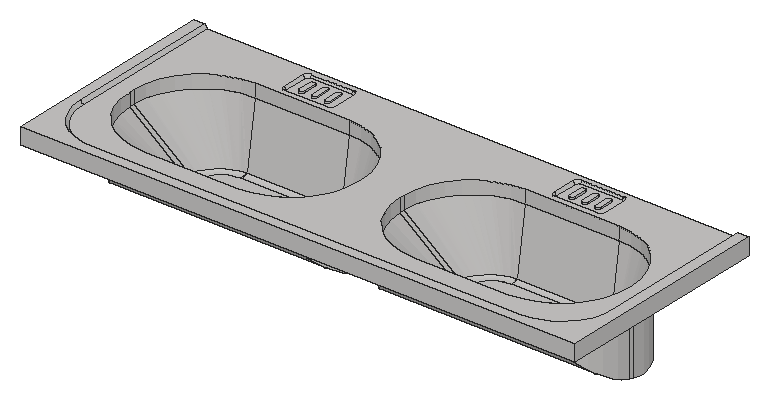
Revit family
Parameters (values of type "1070 X 420")
  Waste Connection Diameter = 40 mm
  Depth Of Bowl = 165 mm
  Width Of Bowl = 270 mm
  Length Of Bowl = 442 mm
  Height = 1050 mm
  Width = 420 mm
  Waste Connection Radius = Waste Connection Diameter / 2  # 20 mm
  Waste Connection = 1 = 1  # yes
  WFU = 0
  Vent Connection = 1 = 0  # no
  URL = "http://www.autospec.co.za/browse.php?id=1644179284"
  Product Code = "None"
  OmniClass Title = ""
  OmniClass Number = ""
  Modspec Classification = ""
  Specification = ""
  Location (revit room) = ""
  Material = Stainless Steel Grade 304
  Length = 1070 mm
  HW Connection = 1 = 0  # no
  Description = ""
  Depth = 172 mm
  Default Elevation = 0 mm
  Colour = none
  CW Connection = 1 = 0  # no
  Body Finish = none
  Model = "Wash Hand Basins SRHB - 002"
  Manufacturer = "Kwikot"  # constant formula
  Assembly Code = "D2010440"
Reference planes
  plane 1 "Back": y = 0
  plane 2 "Bottom": z = 0
  plane 3 "Center (Left/Right)": x = 0
  plane 4 "Left": x = -535
  plane 5 "Right": x = 535
  plane 6 "Front": y = -420
  plane 7 "Top": z = 1050
  plane 8: z = 1018
  plane 9 "Basin Center": x = -259.5
  plane 10: y = -355
  plane 11: y = -85
  plane 12: x = -480.5
  plane 13: x = -38.5
  plane 14: z = 878
  plane 15: z = 1043
  plane 16: x = 41.5
  plane 17: y = -210
  plane 18: x = -259.5
  plane 19: x = 262.5
  plane 20: x = -259.5
  plane 21: x = 262.5
  plane 22: x = -259.5
  plane 23: x = 262.5
  plane 24: x = 262.5
  plane 25: x = -259.5
  plane 26: x = -259.5
  plane 27: x = -309.5
  plane 28: x = 262.5
  plane 29: x = 212.5
  plane 30: x = 262.5
  plane 31: x = -259.5
  plane 32: x = 262.5
  plane 33: x = -259.5
  plane 34: x = 483.5
Forms (mm)
  Extrusion 1, solid, material "Stainless Steel Grade 304" <- "Material"
    sketch origin (-535, -491, 4000) x (0, -1, 0) y (0, 0, 1)
      loop
        line (-491, -2982) -> (-71, -2982) -> (-71, -2950) -> (-491, -2950) -> (-491, -2982)
    from 0 to -1070
  Blend 2, void
    base sketch origin (-779.234, -1524, 1050) x (0, -1, 0) y (1, 0, 0)
      loop
        line (-1524, 264.234) -> (-1224, 264.234)
        arc (-1224, 264.234) -> (-1153.289, 293.523) -> (-1124, 364.234) r 100
        line (-1124, 364.234) -> (-1124, 1194.234)
        arc (-1124, 1194.234) -> (-1153.289, 1264.944) -> (-1224, 1294.234) r 100
        line (-1224, 1294.234) -> (-1524, 1294.234) -> (-1524, 264.234)
    top sketch origin (-779.234, -1524, 1050) x (0, -1, 0) y (1, 0, 0)
      loop
        arc (-1224, 268.234) -> (-1156.118, 296.351) -> (-1128, 364.234) r 96
        line (-1128, 364.234) -> (-1128, 1194.234)
        arc (-1128, 1194.234) -> (-1156.118, 1262.116) -> (-1224, 1290.234) r 96
        line (-1224, 1290.234) -> (-1524, 1290.234) -> (-1524, 268.234) -> (-1224, 268.234)
    from 0 to -7
  Extrusion 3, void
    sketch origin (-516.734, -1524, 1050) x (0, -1, 0) y (-1, 0, 0)
      loop
        line (-1439, -166.734) -> (-1439, -348.234)
        arc (-1439, -348.234) -> (-1400.924, -440.158) -> (-1309, -478.234) r 130
        line (-1309, -478.234) -> (-1299, -478.234)
        arc (-1299, -478.234) -> (-1207.076, -440.158) -> (-1169, -348.234) r 130
        line (-1169, -348.234) -> (-1169, -166.734)
        arc (-1169, -166.734) -> (-1207.076, -74.81) -> (-1299, -36.734) r 130
        line (-1299, -36.734) -> (-1309, -36.734)
        arc (-1309, -36.734) -> (-1400.924, -74.81) -> (-1439, -166.734) r 130
    from 0 to 32
  Extrusion 4, void
    sketch origin (5.266, -1524, 1050) x (0, -1, 0) y (-1, 0, 0)
      loop
        line (-1439, -166.734) -> (-1439, -348.234)
        arc (-1439, -348.234) -> (-1400.924, -440.158) -> (-1309, -478.234) r 130
        line (-1309, -478.234) -> (-1299, -478.234)
        arc (-1299, -478.234) -> (-1207.076, -440.158) -> (-1169, -348.234) r 130
        line (-1169, -348.234) -> (-1169, -166.734)
        arc (-1169, -166.734) -> (-1207.076, -74.81) -> (-1299, -36.734) r 130
        line (-1299, -36.734) -> (-1309, -36.734)
        arc (-1309, -36.734) -> (-1400.924, -74.81) -> (-1439, -166.734) r 130
    from 0 to 32
  Blend 5, void
    base sketch origin (-179.357, -1524, 1043) x (0, -1, 0) y (1, 0, 0)
      loop
        arc (-1514, -120.143) -> (-1511.071, -127.214) -> (-1504, -130.143) r 10
        line (-1504, -130.143) -> (-1459, -130.143)
        arc (-1459, -130.143) -> (-1451.929, -127.214) -> (-1449, -120.143) r 10
        line (-1449, -120.143) -> (-1449, -40.143)
        arc (-1449, -40.143) -> (-1451.929, -33.071) -> (-1459, -30.143) r 10
        line (-1459, -30.143) -> (-1504, -30.143)
        arc (-1504, -30.143) -> (-1511.071, -33.071) -> (-1514, -40.143) r 10
        line (-1514, -40.143) -> (-1514, -120.143)
    top sketch origin (-179.357, -1524, 1043) x (0, -1, 0) y (1, 0, 0)
      loop
        arc (-1459, -127.143) -> (-1454.05, -125.092) -> (-1452, -120.143) r 7
        line (-1452, -120.143) -> (-1452, -40.143)
        arc (-1452, -40.143) -> (-1454.05, -35.193) -> (-1459, -33.143) r 7
        line (-1459, -33.143) -> (-1504, -33.143)
        arc (-1504, -33.143) -> (-1508.95, -35.193) -> (-1511, -40.143) r 7
        line (-1511, -40.143) -> (-1511, -120.143)
        arc (-1511, -120.143) -> (-1508.95, -125.092) -> (-1504, -127.143) r 7
        line (-1504, -127.143) -> (-1459, -127.143)
    from 0 to -5
  Blend 6, void
    base sketch origin (342.643, -1524, 1043) x (0, -1, 0) y (1, 0, 0)
      loop
        arc (-1514, -120.143) -> (-1511.071, -127.214) -> (-1504, -130.143) r 10
        line (-1504, -130.143) -> (-1459, -130.143)
        arc (-1459, -130.143) -> (-1451.929, -127.214) -> (-1449, -120.143) r 10
        line (-1449, -120.143) -> (-1449, -40.143)
        arc (-1449, -40.143) -> (-1451.929, -33.071) -> (-1459, -30.143) r 10
        line (-1459, -30.143) -> (-1504, -30.143)
        arc (-1504, -30.143) -> (-1511.071, -33.071) -> (-1514, -40.143) r 10
        line (-1514, -40.143) -> (-1514, -120.143)
    top sketch origin (342.643, -1524, 1043) x (0, -1, 0) y (1, 0, 0)
      loop
        arc (-1459, -127.143) -> (-1454.05, -125.092) -> (-1452, -120.143) r 7
        line (-1452, -120.143) -> (-1452, -40.143)
        arc (-1452, -40.143) -> (-1454.05, -35.193) -> (-1459, -33.143) r 7
        line (-1459, -33.143) -> (-1504, -33.143)
        arc (-1504, -33.143) -> (-1508.95, -35.193) -> (-1511, -40.143) r 7
        line (-1511, -40.143) -> (-1511, -120.143)
        arc (-1511, -120.143) -> (-1508.95, -125.092) -> (-1504, -127.143) r 7
        line (-1504, -127.143) -> (-1459, -127.143)
    from 0 to -5
  Extrusion 7, solid, material "Stainless Steel Grade 304" <- "Material"
    sketch origin (-179.357, -1524, 1043) x (-1, 0, 0) y (0, -1, 0)
      loop
        arc (85.143, -1470.346) -> (80.143, -1465.346) -> (75.143, -1470.346) r 5
        line (75.143, -1470.346) -> (75.143, -1495.346)
        arc (75.143, -1495.346) -> (80.143, -1500.346) -> (85.143, -1495.346) r 5
        line (85.143, -1495.346) -> (85.143, -1470.346)
      loop
        arc (110.143, -1470.346) -> (105.143, -1465.346) -> (100.143, -1470.346) r 5
        line (100.143, -1470.346) -> (100.143, -1495.346)
        arc (100.143, -1495.346) -> (105.143, -1500.346) -> (110.143, -1495.346) r 5
        line (110.143, -1495.346) -> (110.143, -1470.346)
      loop
        line (50.143, -1470.346) -> (50.143, -1495.346)
        arc (50.143, -1495.346) -> (55.143, -1500.346) -> (60.143, -1495.346) r 5
        line (60.143, -1495.346) -> (60.143, -1470.346)
        arc (60.143, -1470.346) -> (55.143, -1465.346) -> (50.143, -1470.346) r 5
    from -10 to -3
  Extrusion 8, solid, material "Stainless Steel Grade 304" <- "Material"
    sketch origin (342.643, -1524, 1043) x (-1, 0, 0) y (0, -1, 0)
      loop
        arc (85.143, -1470.346) -> (80.143, -1465.346) -> (75.143, -1470.346) r 5
        line (75.143, -1470.346) -> (75.143, -1495.346)
        arc (75.143, -1495.346) -> (80.143, -1500.346) -> (85.143, -1495.346) r 5
        line (85.143, -1495.346) -> (85.143, -1470.346)
      loop
        arc (110.143, -1470.346) -> (105.143, -1465.346) -> (100.143, -1470.346) r 5
        line (100.143, -1470.346) -> (100.143, -1495.346)
        arc (100.143, -1495.346) -> (105.143, -1500.346) -> (110.143, -1495.346) r 5
        line (110.143, -1495.346) -> (110.143, -1470.346)
      loop
        line (50.143, -1470.346) -> (50.143, -1495.346)
        arc (50.143, -1495.346) -> (55.143, -1500.346) -> (60.143, -1495.346) r 5
        line (60.143, -1495.346) -> (60.143, -1470.346)
        arc (60.143, -1470.346) -> (55.143, -1465.346) -> (50.143, -1470.346) r 5
    from -10 to -3
  Extrusion 9, solid, material "Stainless Steel Grade 304" <- "Material"
    sketch origin (-779.234, -1524, 1018) x (-1, 0, 0) y (0, -1, 0)
      loop
        line (-429.234, -1166) -> (-610.734, -1166)
        arc (-610.734, -1166) -> (-704.779, -1204.955) -> (-743.734, -1299) r 133
        line (-743.734, -1299) -> (-743.734, -1309)
        arc (-743.734, -1309) -> (-704.779, -1403.045) -> (-610.734, -1442) r 133
        line (-610.734, -1442) -> (-429.234, -1442)
        arc (-429.234, -1442) -> (-335.188, -1403.045) -> (-296.234, -1309) r 133
        line (-296.234, -1309) -> (-296.234, -1299)
        arc (-296.234, -1299) -> (-335.188, -1204.955) -> (-429.234, -1166) r 133
    from 0 to -140
  Extrusion 10, solid, material "Stainless Steel Grade 304" <- "Material"
    sketch origin (-257.234, -1524, 1018) x (-1, 0, 0) y (0, -1, 0)
      loop
        line (-429.234, -1166) -> (-610.734, -1166)
        arc (-610.734, -1166) -> (-704.779, -1204.955) -> (-743.734, -1299) r 133
        line (-743.734, -1299) -> (-743.734, -1309)
        arc (-743.734, -1309) -> (-704.779, -1403.045) -> (-610.734, -1442) r 133
        line (-610.734, -1442) -> (-429.234, -1442)
        arc (-429.234, -1442) -> (-335.188, -1403.045) -> (-296.234, -1309) r 133
        line (-296.234, -1309) -> (-296.234, -1299)
        arc (-296.234, -1299) -> (-335.188, -1204.955) -> (-429.234, -1166) r 133
    from 0 to -140
  Extrusion 11, solid, material "Stainless Steel Grade 304" <- "Material"
    sketch origin (-1108.106, -1524, 878) x (-1, 0, 0) y (0, -1, 0)
      loop
        circle (-848.606, -1379) r 23
      loop
        circle (-848.606, -1379) r 20
    from 0 to -20
  Extrusion 12, void
    sketch origin (-1108.106, -1524, 878) x (0, -1, 0) y (-1, 0, 0)
      loop
        circle (-1379, -848.606) r 20
    from 0 to -15
  Extrusion 13, solid, material "Stainless Steel Grade 304" <- "Material"
    sketch origin (-1108.106, -1524, 878) x (-1, 0, 0) y (0, -1, 0)
      loop
        circle (-1370.606, -1379) r 23
      loop
        circle (-1370.606, -1379) r 20
    from 0 to -20
  Extrusion 14, void
    sketch origin (-1108.106, -1524, 878) x (0, -1, 0) y (-1, 0, 0)
      loop
        circle (-1379, -1370.606) r 20
    from 0 to -15
  Extrusion 15, void
    sketch origin (-259.5, -275, 4000) x (0, 1, 0) y (0, 0, 1)
      loop
        line (-83, -2982) -> (-98, -2982) -> (-98, -3132) -> (110, -3132) -> (110, -3122)
        arc (110, -3122) -> (-9.643, -3083.904) -> (-83, -2982) r 200
      loop
        line (143, -3132) -> (203, -3132) -> (203, -3072) -> (193, -3072)
        arc (193, -3072) -> (178.355, -3107.355) -> (143, -3122) r 50
        line (143, -3122) -> (143, -3132)
    from -225 to 750
  Blend 16, void
    base sketch origin (-779.234, -1524, 1018) x (0, -1, 0) y (1, 0, 0)
      loop
        line (-1169, 429.234) -> (-1169, 610.734)
        arc (-1169, 610.734) -> (-1207.076, 702.658) -> (-1299, 740.734) r 130
        line (-1299, 740.734) -> (-1309, 740.734)
        arc (-1309, 740.734) -> (-1400.924, 702.658) -> (-1439, 610.734) r 130
        line (-1439, 610.734) -> (-1439, 429.234)
        arc (-1439, 429.234) -> (-1400.924, 337.31) -> (-1309, 299.234) r 130
        line (-1309, 299.234) -> (-1299, 299.234)
        arc (-1299, 299.234) -> (-1207.076, 337.31) -> (-1169, 429.234) r 130
    top sketch origin (-779.234, -1524, 1018) x (0, -1, 0) y (1, 0, 0)
      loop
        arc (-1419, 429.234) -> (-1403.62, 387.247) -> (-1364.759, 365.13) r 65
        arc (-1364.759, 365.13) -> (-1359.398, 364.458) -> (-1354, 364.234) r 65
        arc (-1354, 364.234) -> (-1308.038, 383.272) -> (-1289, 429.234) r 65
        line (-1289, 429.234) -> (-1289, 610.734)
        arc (-1289, 610.734) -> (-1308.038, 656.696) -> (-1354, 675.734) r 65
        arc (-1354, 675.734) -> (-1359.398, 675.509) -> (-1364.759, 674.837) r 65
        arc (-1364.759, 674.837) -> (-1403.62, 652.72) -> (-1419, 610.734) r 65
        line (-1419, 610.734) -> (-1419, 429.234)
    from 0 to -125
  Blend 17, void
    base sketch origin (-779.234, -1524, 1018) x (0, -1, 0) y (1, 0, 0)
      loop
        line (-1169, 951.234) -> (-1169, 1132.734)
        arc (-1169, 1132.734) -> (-1207.076, 1224.658) -> (-1299, 1262.734) r 130
        line (-1299, 1262.734) -> (-1309, 1262.734)
        arc (-1309, 1262.734) -> (-1400.924, 1224.658) -> (-1439, 1132.734) r 130
        line (-1439, 1132.734) -> (-1439, 951.234)
        arc (-1439, 951.234) -> (-1400.924, 859.31) -> (-1309, 821.234) r 130
        line (-1309, 821.234) -> (-1299, 821.234)
        arc (-1299, 821.234) -> (-1207.076, 859.31) -> (-1169, 951.234) r 130
    top sketch origin (-779.234, -1524, 1018) x (0, -1, 0) y (1, 0, 0)
      loop
        arc (-1419, 951.234) -> (-1403.62, 909.247) -> (-1364.759, 887.13) r 65
        arc (-1364.759, 887.13) -> (-1359.698, 886.484) -> (-1354.603, 886.236) r 65
        arc (-1354.603, 886.236) -> (-1308.252, 905.059) -> (-1289, 951.234) r 65
        line (-1289, 951.234) -> (-1289, 1132.734)
        arc (-1289, 1132.734) -> (-1308.252, 1178.908) -> (-1354.603, 1197.731) r 65
        arc (-1354.603, 1197.731) -> (-1359.698, 1197.483) -> (-1364.759, 1196.837) r 65
        arc (-1364.759, 1196.837) -> (-1403.62, 1174.72) -> (-1419, 1132.734) r 65
        line (-1419, 1132.734) -> (-1419, 951.234)
    from 0 to -125
  Sweep 18, solid, material "Stainless Steel Grade 304" <- "Material"
    path origin (-1108.106, -1524, 878) x (-1, 0, 0) y (0, -1, 0)
      loop
        line (-758.106, -1289) -> (-939.606, -1289)
        arc (-939.606, -1289) -> (-985.568, -1308.038) -> (-1004.606, -1354) r 65
        arc (-1004.606, -1354) -> (-1004.381, -1359.398) -> (-1003.709, -1364.759) r 65
        arc (-1003.709, -1364.759) -> (-981.592, -1403.62) -> (-939.606, -1419) r 65
        line (-939.606, -1419) -> (-758.106, -1419)
        arc (-758.106, -1419) -> (-716.12, -1403.62) -> (-694.002, -1364.759) r 65
        arc (-694.002, -1364.759) -> (-693.33, -1359.398) -> (-693.106, -1354) r 65
        arc (-693.106, -1354) -> (-712.144, -1308.038) -> (-758.106, -1289) r 65
    profile origin (-259.25, -235, 878) x (0, 1, 0) y (0, 0, 1)
      loop
        line (0, 15) -> (12.787, 15)
        arc (12.787, 15) -> (1.024, 17.402) -> (-8.855, 24.224) r 30
        line (-8.855, 24.224) -> (0, 15)
  Sweep 19, solid, material "Stainless Steel Grade 304" <- "Material"
    path origin (-1108.106, -1524, 878) x (-1, 0, 0) y (0, -1, 0)
      loop
        line (-1280.106, -1289) -> (-1461.606, -1289)
        arc (-1461.606, -1289) -> (-1507.78, -1308.252) -> (-1526.603, -1354.603) r 65
        arc (-1526.603, -1354.603) -> (-1526.356, -1359.698) -> (-1525.709, -1364.759) r 65
        arc (-1525.709, -1364.759) -> (-1503.592, -1403.62) -> (-1461.606, -1419) r 65
        line (-1461.606, -1419) -> (-1280.106, -1419)
        arc (-1280.106, -1419) -> (-1238.12, -1403.62) -> (-1216.002, -1364.759) r 65
        arc (-1216.002, -1364.759) -> (-1215.356, -1359.698) -> (-1215.109, -1354.603) r 65
        arc (-1215.109, -1354.603) -> (-1233.931, -1308.252) -> (-1280.106, -1289) r 65
    profile origin (262.75, -235, 878) x (0, 1, 0) y (0, 0, 1)
      loop
        line (0, 15) -> (12.787, 15)
        arc (12.787, 15) -> (1.024, 17.402) -> (-8.855, 24.224) r 30
        line (-8.855, 24.224) -> (0, 15)
Cuts and joins
  Blend 2, Extrusion 3, Extrusion 4, Blend 5, Blend 6, Extrusion 15, Blend 16, Blend 17 cuts Extrusion 1
  Extrusion 15, Blend 16, Blend 17 cuts Extrusion 7
  Extrusion 12, Extrusion 15, Blend 16 cuts Extrusion 9
  Extrusion 14, Extrusion 15, Blend 17 cuts Extrusion 10
  joined: Extrusion 1, Extrusion 7, Extrusion 9, Extrusion 10, Sweep 18, Sweep 19
  Extrusion 12 cuts Extrusion 11
  Extrusion 14 cuts Extrusion 13
Lines and regions (mm)
  symbolic lines
    curve 1: line (-535, 0, 1050) -> (-535, -420, 1050)
    curve 2: line (-535, -420, 1050) -> (535, -420, 1050)
    curve 3: line (535, 0, 1050) -> (-535, 0, 1050)
    curve 4: line (535, -420, 1050) -> (535, 0, 1050)
    curve 5: line (-515, -300, 1050) -> (-515, 0, 1050)
    curve 6: line (-511, 0, 1050) -> (-511, -300, 1050)
    curve 7: arc (-415, -400, 1050) -> (-485.711, -370.711, 1050) -> (-515, -300, 1050) r 100
    curve 8: arc (-511, -300, 1050) -> (-482.882, -367.882, 1050) -> (-415, -396, 1050) r 96
    curve 9: line (-415, -396, 1050) -> (415, -396, 1050)
    curve 10: line (415, -400, 1050) -> (-415, -400, 1050)
    curve 11: arc (515, -300, 1050) -> (485.711, -370.711, 1050) -> (415, -400, 1050) r 100
    curve 12: arc (415, -396, 1050) -> (482.882, -367.882, 1050) -> (511, -300, 1050) r 96
    curve 13: line (511, -300, 1050) -> (511, 0, 1050)
    curve 14: line (515, 0, 1050) -> (515, -300, 1050)
    curve 15: arc (-239.5, -145, 1050) -> (-259.5, -165, 1050) -> (-279.5, -145, 1050) r 20
    curve 16: arc (-279.5, -145, 1050) -> (-259.5, -125, 1050) -> (-239.5, -145, 1050) r 20
    curve 17: arc (282.5, -145, 1050) -> (262.5, -165, 1050) -> (242.5, -145, 1050) r 20
    curve 18: arc (242.5, -145, 1050) -> (262.5, -125, 1050) -> (282.5, -145, 1050) r 20
    curve 19: line (-219.5, -13, 1050) -> (-299.5, -13, 1050)
    curve 20: arc (-299.5, -13, 1050) -> (-304.45, -15.05, 1050) -> (-306.5, -20, 1050) r 7
    curve 21: line (-306.5, -20, 1050) -> (-306.5, -65, 1050)
    curve 22: arc (-306.5, -65, 1050) -> (-304.45, -69.95, 1050) -> (-299.5, -72, 1050) r 7
    curve 23: line (-299.5, -72, 1050) -> (-219.5, -72, 1050)
    curve 24: arc (-219.5, -72, 1050) -> (-214.55, -69.95, 1050) -> (-212.5, -65, 1050) r 7
    curve 25: line (-212.5, -65, 1050) -> (-212.5, -20, 1050)
    curve 26: arc (-212.5, -20, 1050) -> (-214.55, -15.05, 1050) -> (-219.5, -13, 1050) r 7
    curve 27: line (-299.5, -10, 1050) -> (-219.5, -10, 1050)
    curve 28: arc (-219.5, -10, 1050) -> (-212.429, -12.929, 1050) -> (-209.5, -20, 1050) r 10
    curve 29: line (-209.5, -20, 1050) -> (-209.5, -65, 1050)
    curve 30: arc (-209.5, -65, 1050) -> (-212.429, -72.071, 1050) -> (-219.5, -75, 1050) r 10
    curve 31: line (-219.5, -75, 1050) -> (-299.5, -75, 1050)
    curve 32: arc (-299.5, -75, 1050) -> (-306.571, -72.071, 1050) -> (-309.5, -65, 1050) r 10
    curve 33: line (-309.5, -65, 1050) -> (-309.5, -20, 1050)
    curve 34: arc (-309.5, -20, 1050) -> (-306.571, -12.929, 1050) -> (-299.5, -10, 1050) r 10
    curve 47: line (302.5, -13, 1050) -> (222.5, -13, 1050)
    curve 48: arc (222.5, -13, 1050) -> (217.55, -15.05, 1050) -> (215.5, -20, 1050) r 7
    curve 49: line (215.5, -20, 1050) -> (215.5, -65, 1050)
    curve 50: arc (215.5, -65, 1050) -> (217.55, -69.95, 1050) -> (222.5, -72, 1050) r 7
    curve 51: line (222.5, -72, 1050) -> (302.5, -72, 1050)
    curve 52: arc (302.5, -72, 1050) -> (307.45, -69.95, 1050) -> (309.5, -65, 1050) r 7
    curve 53: line (309.5, -65, 1050) -> (309.5, -20, 1050)
    curve 54: arc (309.5, -20, 1050) -> (307.45, -15.05, 1050) -> (302.5, -13, 1050) r 7
    curve 55: line (222.5, -10, 1050) -> (302.5, -10, 1050)
    curve 56: arc (302.5, -10, 1050) -> (309.571, -12.929, 1050) -> (312.5, -20, 1050) r 10
    curve 57: line (312.5, -20, 1050) -> (312.5, -65, 1050)
    curve 58: arc (312.5, -65, 1050) -> (309.571, -72.071, 1050) -> (302.5, -75, 1050) r 10
    curve 59: line (302.5, -75, 1050) -> (222.5, -75, 1050)
    curve 60: arc (222.5, -75, 1050) -> (215.429, -72.071, 1050) -> (212.5, -65, 1050) r 10
    curve 61: line (212.5, -65, 1050) -> (212.5, -20, 1050)
    curve 62: arc (212.5, -20, 1050) -> (215.429, -12.929, 1050) -> (222.5, -10, 1050) r 10
    curve 75: line (-168.5, -355, 0) -> (-350, -355, 0)
    curve 76: arc (-350, -355, 0) -> (-441.924, -316.924, 0) -> (-480, -225, 0) r 130
    curve 77: line (-480, -215, 0) -> (-480, -225, 0)
    curve 78: arc (-480, -215, 0) -> (-441.924, -123.076, 0) -> (-350, -85, 0) r 130
    curve 79: line (-168.5, -85, 0) -> (-350, -85, 0)
    curve 80: arc (-168.5, -85, 0) -> (-76.576, -123.076, 0) -> (-38.5, -215, 0) r 130
    curve 81: arc (-38.5, -225, 0) -> (-76.576, -316.924, 0) -> (-168.5, -355, 0) r 130
    curve 82: line (-38.5, -225, 0) -> (-38.5, -215, 0)
    curve 83: line (172, -355, 0) -> (353.5, -355, 0)
    curve 84: arc (172, -355, 0) -> (80.076, -316.924, 0) -> (42, -225, 0) r 130
    curve 85: line (42, -215, 0) -> (42, -225, 0)
    curve 86: arc (42, -215, 0) -> (80.076, -123.076, 0) -> (172, -85, 0) r 130
    curve 87: line (353.5, -85, 0) -> (172, -85, 0)
    curve 88: arc (353.5, -85, 0) -> (445.424, -123.076, 0) -> (483.5, -215, 0) r 130
    curve 89: line (483.5, -225, 0) -> (483.5, -215, 0)
    curve 90: arc (483.5, -225, 0) -> (445.424, -316.924, 0) -> (353.5, -355, 0) r 130
  symbolic lines, detail levels fine
    curve 35: line (-289.5, -28.654, 1050) -> (-289.5, -53.654, 1050)
    curve 36: arc (-289.5, -53.654, 1050) -> (-284.5, -58.654, 1050) -> (-279.5, -53.654, 1050) r 5
    curve 37: line (-279.5, -53.654, 1050) -> (-279.5, -28.654, 1050)
    curve 38: arc (-279.5, -28.654, 1050) -> (-284.5, -23.654, 1050) -> (-289.5, -28.654, 1050) r 5
    curve 39: line (-264.5, -28.654, 1050) -> (-264.5, -53.654, 1050)
    curve 40: arc (-264.5, -53.654, 1050) -> (-259.5, -58.654, 1050) -> (-254.5, -53.654, 1050) r 5
    curve 41: line (-254.5, -53.654, 1050) -> (-254.5, -28.654, 1050)
    curve 42: arc (-254.5, -28.654, 1050) -> (-259.5, -23.654, 1050) -> (-264.5, -28.654, 1050) r 5
    curve 43: line (-239.5, -28.654, 1050) -> (-239.5, -53.654, 1050)
    curve 44: arc (-239.5, -53.654, 1050) -> (-234.5, -58.654, 1050) -> (-229.5, -53.654, 1050) r 5
    curve 45: line (-229.5, -53.654, 1050) -> (-229.5, -28.654, 1050)
    curve 46: arc (-229.5, -28.654, 1050) -> (-234.5, -23.654, 1050) -> (-239.5, -28.654, 1050) r 5
    curve 63: line (232.5, -28.654, 1050) -> (232.5, -53.654, 1050)
    curve 64: arc (232.5, -53.654, 1050) -> (237.5, -58.654, 1050) -> (242.5, -53.654, 1050) r 5
    curve 65: line (242.5, -53.654, 1050) -> (242.5, -28.654, 1050)
    curve 66: arc (242.5, -28.654, 1050) -> (237.5, -23.654, 1050) -> (232.5, -28.654, 1050) r 5
    curve 67: line (257.5, -28.654, 1050) -> (257.5, -53.654, 1050)
    curve 68: arc (257.5, -53.654, 1050) -> (262.5, -58.654, 1050) -> (267.5, -53.654, 1050) r 5
    curve 69: line (267.5, -53.654, 1050) -> (267.5, -28.654, 1050)
    curve 70: arc (267.5, -28.654, 1050) -> (262.5, -23.654, 1050) -> (257.5, -28.654, 1050) r 5
    curve 71: line (282.5, -28.654, 1050) -> (282.5, -53.654, 1050)
    curve 72: arc (282.5, -53.654, 1050) -> (287.5, -58.654, 1050) -> (292.5, -53.654, 1050) r 5
    curve 73: line (292.5, -53.654, 1050) -> (292.5, -28.654, 1050)
    curve 74: arc (292.5, -28.654, 1050) -> (287.5, -23.654, 1050) -> (282.5, -28.654, 1050) r 5
Dimensions and locks
  equal spacing: plane 4 "Left", plane 3 "Center (Left/Right)", plane 5 "Right"
  "Width": plane 1 "Back" to plane 6 "Front"
  "Length": plane 4 "Left" to plane 5 "Right"
  "Height": plane 7 "Top" to plane 2 "Bottom"
  plane 10 to plane 6 "Front" = 65 mm
  "Width Of Bowl": plane 11 to plane 10
  "Length Of Bowl": plane 12 to plane 13
  equal spacing: plane 12, plane 9 "Basin Center", plane 13
  plane 7 "Top" to plane 8 = 32 mm
  "Depth Of Bowl": plane 15 to plane 14
  plane 4 "Left" to plane 12 = 54.5 mm
  plane 13 to plane 16 = 80 mm
  equal spacing: plane 1 "Back", plane 17, plane 6 "Front"
  locked: plane 20 to plane 21 at 522
  equal spacing: Blend 5 sketch curve, plane 22, Blend 5 sketch curve
  Blend 5 sketch curve to Blend 5 sketch curve = 100 mm
  equal spacing: Blend 6 sketch curve, plane 23, Blend 6 sketch curve
  Blend 6 sketch curve to Blend 6 sketch curve = 100 mm
  group 1 to group 2 = 522 mm
  group 1 to group 2 = 0 mm  (x2)
  plane 27 to plane 26 = 50 mm
  plane 29 to plane 28 = 50 mm
  group 3 to group 4 = 522 mm
  group 3 to group 4 = 0 mm  (x2)
  "Depth": plane 7 "Top" to plane 14
  "Length Of Bowl": plane 16 to plane 34
  equal spacing: plane 16, plane 32, plane 34
  Extrusion 15 sketch curve to plane 11 = 80 mm
  radius of Extrusion 3 sketch curve = 130 mm  (x4)
  radius of Extrusion 4 sketch curve = 130 mm  (x4)
  "Waste Connection Radius": radius of Extrusion 13 sketch curve
  "Waste Connection Radius": radius of Extrusion 11 sketch curve
  aligned and locked: level to plane 2 "Bottom"
  aligned and locked: Extrusion 1 sketch curve to plane 8
  aligned and locked: Extrusion 1 sketch curve to plane 1 "Back"
  aligned and locked: Extrusion 1 sketch curve to plane 6 "Front"
  aligned and locked: plane 7 "Top" to Extrusion 1 sketch curve
  aligned and locked: plane 4 "Left" to Extrusion 1
  aligned and locked: Extrusion 1 to plane 5 "Right"
  aligned and locked: Blend 2 to plane 15
  aligned and locked: plane 18 to plane 9 "Basin Center"
  aligned and locked: plane 18 to plane 20
  aligned and locked: plane 1 "Back" to Blend 2 sketch curve  (x2)
  aligned and locked: plane 22 to plane 18
  aligned and locked: plane 26 to plane 18
  aligned and locked: plane 26 to Extrusion 7 sketch curve
  aligned and locked: plane 28 to Extrusion 8 sketch curve
  aligned and locked: curve 6 to cut or joined group 1 (Extrusion 1, Blend 2, Extrusion 3, Extrusion 4, Blend 5, Blend 6, Extrusion 7, Extrusion 9, Extrusion 10, Extrusion 12, Extrusion 14, Extrusion 15, Blend 16, Blend 17, Sweep 18, Sweep 19)
  aligned and locked: curve 7 to cut or joined group 1
  aligned and locked: curve 8 to cut or joined group 1
  aligned and locked: curve 11 to cut or joined group 1
  aligned and locked: curve 12 to cut or joined group 1
  aligned and locked: curve 14 to cut or joined group 1
  aligned and locked: curve 19 to cut or joined group 1
  aligned and locked: curve 21 to cut or joined group 1
  aligned and locked: curve 23 to cut or joined group 1
  aligned and locked: curve 25 to cut or joined group 1
  aligned and locked: curve 27 to cut or joined group 1
  aligned and locked: curve 29 to cut or joined group 1
  aligned and locked: curve 31 to cut or joined group 1
  aligned and locked: curve 33 to cut or joined group 1
  aligned and locked: curve 35 to cut or joined group 1
  aligned and locked: curve 37 to cut or joined group 1
  aligned and locked: curve 39 to cut or joined group 1
  aligned and locked: curve 41 to cut or joined group 1
  aligned and locked: curve 43 to cut or joined group 1
  aligned and locked: curve 45 to cut or joined group 1
  aligned and locked: Extrusion 9 to plane 14
  aligned and locked: Extrusion 12 sketch curve to curve 15
  aligned and locked: Extrusion 12 sketch curve to curve 16
  aligned and locked: Extrusion 14 sketch curve to Extrusion 13  (x2)
  aligned and locked: curve 75 to cut or joined group 1
  aligned and locked: curve 76 to cut or joined group 1
  aligned and locked: curve 77 to cut or joined group 1
  aligned and locked: curve 78 to cut or joined group 1
  aligned and locked: curve 79 to cut or joined group 1
  aligned and locked: curve 80 to cut or joined group 1
  aligned and locked: curve 81 to cut or joined group 1
  aligned and locked: curve 82 to cut or joined group 1
  aligned and locked: curve 83 to cut or joined group 1
  aligned and locked: curve 84 to cut or joined group 1
  aligned and locked: curve 85 to cut or joined group 1
  aligned and locked: curve 86 to cut or joined group 1
  aligned and locked: curve 87 to cut or joined group 1
  aligned and locked: curve 88 to cut or joined group 1
  aligned and locked: curve 89 to cut or joined group 1
  aligned and locked: curve 90 to cut or joined group 1
  aligned and locked: Blend 16 sketch curve to cut or joined group 1  (x4)
  aligned and locked: Blend 17 sketch curve to cut or joined group 1  (x4)
Automatic sketch dimensions
  Blend 5 sketch curve to Blend 5 sketch curve = 10 mm  (x3)
  Blend 5 sketch curve to Blend 5 sketch curve = 7 mm  (x3)
  Blend 5 sketch curve to Blend 5 sketch curve = 45 mm  (x4)
  Blend 5 sketch curve to Blend 5 sketch curve = 80 mm
  Blend 6 sketch curve to Blend 6 sketch curve = 10 mm  (x3)
  Blend 6 sketch curve to Blend 6 sketch curve = 7 mm  (x3)
  Blend 6 sketch curve to Blend 6 sketch curve = 45 mm  (x4)
  Blend 6 sketch curve to Blend 6 sketch curve = 80 mm
  Extrusion 7 sketch curve to Extrusion 7 sketch curve = 15 mm  (x2)
  Extrusion 7 sketch curve to Extrusion 7 sketch curve = 5 mm  (x2)
  Extrusion 7 sketch curve to Extrusion 7 sketch curve = 0 mm  (x4)
  Extrusion 7 sketch curve to Extrusion 7 sketch curve = 25 mm
  plane 26 to Extrusion 7 sketch curve = 5 mm
  Extrusion 8 sketch curve to Extrusion 8 sketch curve = 15 mm  (x2)
  Extrusion 8 sketch curve to Extrusion 8 sketch curve = 5 mm  (x2)
  Extrusion 8 sketch curve to Extrusion 8 sketch curve = 0 mm  (x4)
  Extrusion 8 sketch curve to Extrusion 8 sketch curve = 25 mm
  plane 28 to Extrusion 8 sketch curve = 5 mm
  curve 16 to plane 18 = 0 mm
  curve 16 to plane 18 = 20 mm
  curve 15 to curve 16 = 0 mm
  curve 18 to plane 19 = 0 mm
  curve 18 to plane 19 = 20 mm  (x2)
  curve 17 to curve 18 = 0 mm
  curve 20 to curve 34 = 0 mm  (x3)
  curve 22 to curve 32 = 0 mm  (x3)
  curve 24 to curve 30 = 0 mm  (x3)
  curve 26 to curve 28 = 0 mm  (x2)
  curve 42 to plane 25 = 0 mm
  plane 25 to curve 40 = 5 mm
  curve 46 to curve 41 = 15 mm
  curve 44 to curve 43 = 5 mm
  curve 30 to curve 44 = 10 mm
  curve 26 to curve 45 = 10 mm
  curve 26 to curve 26 = 7 mm
  curve 28 to curve 26 = 3 mm
  curve 40 to curve 37 = 15 mm
  curve 37 to curve 38 = 5 mm
  curve 35 to curve 34 = 10 mm
  curve 35 to curve 23 = 10 mm
  curve 22 to curve 21 = 7 mm
  curve 20 to curve 39 = 8.654 mm
  curve 41 to curve 43 = 0 mm
  curve 38 to curve 42 = 0 mm
  curve 42 to curve 40 = 25 mm
  curve 41 to curve 44 = 0 mm
  curve 35 to curve 40 = 0 mm
  curve 44 to curve 24 = 11.346 mm
  curve 48 to curve 62 = 0 mm  (x3)
  curve 50 to curve 60 = 0 mm  (x3)
  curve 52 to curve 58 = 0 mm  (x3)
  curve 54 to curve 56 = 0 mm  (x2)
  curve 70 to plane 24 = 0 mm
  plane 24 to curve 68 = 5 mm
  curve 74 to curve 69 = 15 mm
  curve 72 to curve 71 = 5 mm
  curve 58 to curve 72 = 10 mm
  curve 54 to curve 73 = 10 mm
  curve 54 to curve 54 = 7 mm
  curve 56 to curve 54 = 3 mm
  curve 68 to curve 65 = 15 mm
  curve 65 to curve 66 = 5 mm
  curve 63 to curve 62 = 10 mm
  curve 63 to curve 51 = 10 mm
  curve 50 to curve 49 = 7 mm
  curve 48 to curve 67 = 8.654 mm
  curve 69 to curve 71 = 0 mm
  curve 66 to curve 70 = 0 mm
  curve 70 to curve 68 = 25 mm
  curve 69 to curve 72 = 0 mm
  curve 63 to curve 68 = 0 mm
  curve 72 to curve 52 = 11.346 mm
  curve 16 to plane 9 "Basin Center" = 0 mm
  plane 9 "Basin Center" to curve 15 = 20 mm
  curve 15 to plane 11 = 60 mm
  Extrusion 4 sketch curve to plane 11 = 0 mm
  Extrusion 4 sketch curve to plane 10 = 0 mm
  plane 16 to Extrusion 4 sketch curve = 0.5 mm
  Extrusion 4 sketch curve to plane 19 = 91 mm
  curve 17 to plane 19 = 0 mm
  curve 18 to plane 11 = 60 mm
  plane 5 "Right" to Blend 2 sketch curve = 20 mm
  plane 10 to Blend 2 sketch curve = 55 mm  (x4)
  plane 6 "Front" to Blend 2 sketch curve = 20 mm
  plane 12 to Blend 2 sketch curve = 65.5 mm
  Blend 2 sketch curve to plane 4 "Left" = 24 mm
  plane 5 "Right" to Blend 2 sketch curve = 24 mm
  plane 6 "Front" to Blend 2 sketch curve = 24 mm
  Extrusion 3 sketch curve to plane 11 = 0 mm
  Extrusion 3 sketch curve to plane 13 = 0 mm
  Extrusion 3 sketch curve to plane 10 = 0 mm
  Extrusion 3 sketch curve to plane 9 "Basin Center" = 90.5 mm
  plane 1 "Back" to curve 3 = 0 mm
  curve 3 to plane 5 "Right" = 0 mm
  curve 2 to plane 4 "Left" = 0 mm
  curve 2 to plane 6 "Front" = 0 mm
  Extrusion 11 sketch curve to Extrusion 11 sketch curve = 0 mm  (x2)
  Extrusion 11 sketch curve to plane 9 "Basin Center" = 0 mm
  Extrusion 11 sketch curve to plane 11 = 60 mm
  Extrusion 13 sketch curve to Extrusion 13 sketch curve = 0 mm  (x2)
  Extrusion 13 sketch curve to plane 19 = 0 mm
  Extrusion 13 sketch curve to plane 11 = 60 mm
  curve 76 to plane 10 = 0 mm
  plane 12 to curve 76 = 0.5 mm
  curve 76 to plane 17 = 15 mm
  plane 9 "Basin Center" to curve 75 = 91 mm
  curve 77 to plane 17 = 5 mm
  curve 78 to plane 11 = 0 mm
  plane 9 "Basin Center" to curve 79 = 91 mm
  curve 80 to plane 13 = 0 mm
  curve 84 to plane 10 = 0 mm
  plane 16 to curve 84 = 0.5 mm
  curve 84 to plane 17 = 15 mm
  curve 83 to plane 19 = 91 mm
  curve 85 to plane 17 = 5 mm
  curve 86 to plane 11 = 0 mm
  curve 88 to plane 17 = 5 mm
  curve 89 to curve 88 = 10 mm
  plane 13 to Extrusion 9 sketch curve = 3 mm
  Extrusion 9 sketch curve to plane 10 = 3 mm
  plane 9 "Basin Center" to Extrusion 9 sketch curve = 91 mm
  Extrusion 9 sketch curve to Extrusion 9 sketch curve = 0 mm
  plane 11 to Extrusion 9 sketch curve = 3 mm
  Extrusion 9 sketch curve to plane 9 "Basin Center" = 90.5 mm  (x2)
  Extrusion 9 sketch curve to plane 12 = 2.5 mm
  plane 34 to Extrusion 10 sketch curve = 3 mm
  Extrusion 10 sketch curve to plane 17 = 15 mm  (x2)
  Extrusion 10 sketch curve to plane 19 = 91 mm
  Extrusion 10 sketch curve to plane 16 = 2.5 mm
  Extrusion 10 sketch curve to Extrusion 10 sketch curve = 0 mm
  plane 11 to Extrusion 10 sketch curve = 3 mm
  plane 19 to Extrusion 10 sketch curve = 90.5 mm
  Extrusion 15 sketch curve to plane 8 = 0 mm
  Extrusion 15 sketch curve to plane 14 = 0 mm
  plane 17 to Extrusion 15 sketch curve = 42.792 mm
  Extrusion 15 sketch curve to plane 10 = 3 mm
  Extrusion 15 sketch curve to plane 10 = 18 mm
  Extrusion 15 sketch curve to Extrusion 15 sketch curve = 33 mm
  plane 11 to Extrusion 15 sketch curve = 3 mm
  plane 11 to Extrusion 15 sketch curve = 13 mm
  Extrusion 15 sketch curve to Extrusion 15 sketch curve = 10 mm
  Extrusion 15 sketch curve to plane 14 = 10 mm
  plane 14 to Extrusion 15 sketch curve = 0 mm
  Blend 17 sketch curve to Blend 17 sketch curve = 0 mm  (x8)
  Blend 17 sketch curve to plane 11 = 20 mm
  plane 17 to Blend 17 sketch curve = 40 mm
  Blend 17 sketch curve to plane 19 = 91 mm
  Blend 17 sketch curve to Blend 17 sketch curve = 10.156 mm  (x2)
  plane 19 to Blend 17 sketch curve = 90.5 mm
  plane 17 to Blend 17 sketch curve = 50.759 mm  (x2)
  Blend 16 sketch curve to Blend 16 sketch curve = 0 mm  (x6)
  Blend 16 sketch curve to plane 11 = 20 mm
  plane 17 to Blend 16 sketch curve = 40 mm
  plane 9 "Basin Center" to Blend 16 sketch curve = 91 mm
  plane 17 to Blend 16 sketch curve = 50.759 mm
  Blend 16 sketch curve to plane 9 "Basin Center" = 90.5 mm
  Blend 16 sketch curve to Blend 16 sketch curve = 10.759 mm
  Sweep 18 sketch curve to Sweep 18 sketch curve = 0.897 mm
  plane 17 to Sweep 18 sketch curve = 50.759 mm
  Sweep 18 sketch curve to profile plane = 0 mm
  Sweep 18 sketch curve to Sweep 18 sketch curve = 0 mm  (x4)
  plane 14 to Sweep 18 sketch curve = 15 mm
  Sweep 18 sketch curve to Sweep 18 sketch curve = 8.855 mm
  Sweep 18 sketch curve to profile plane = 12.787 mm
  Sweep 18 sketch curve to Sweep 18 sketch curve = 9.224 mm
  plane 17 to Sweep 19 sketch curve = 40.603 mm
  Sweep 19 sketch curve to Sweep 19 sketch curve = 0.894 mm  (x2)
  plane 17 to Sweep 19 sketch curve = 50.759 mm
  profile plane to Sweep 19 sketch curve = 8.855 mm  (x2)
  profile plane to Sweep 19 sketch curve = 0 mm
  Sweep 19 sketch curve to profile plane = 12.787 mm
  Sweep 19 sketch curve to Sweep 19 sketch curve = 0 mm  (x3)
  Sweep 19 sketch curve to Sweep 19 sketch curve = 9.224 mm
  plane 14 to Sweep 19 sketch curve = 15 mm
  radius of Extrusion 11 sketch curve = 23 mm
  radius of Extrusion 13 sketch curve = 23 mm
Connectors
  piping at (-259.5, -145, 858), driven by "Waste Connection Radius", driven by "WFU"
    settings: on cut or joined group of Extrusion 11, Extrusion 12, index 1, connector radius 20 mm, flow factor 0, pipe flow 0.0 L/s, pressure drop 0.0 Pa, fitting loss kfactor 0, connector angle 0.00°, fixture units 0, flow configuration 3, flow direction 2, fitting loss method 0, system type 16, connector reference index -1, connector utility 0, adjustable connector no, is connector primary yes, fitting loss table "", connector description "Waste Connection"
  piping at (262.5, -145, 858), driven by "Waste Connection Radius", driven by "WFU"
    settings: on cut or joined group of Extrusion 13, Extrusion 14, index 2, connector radius 20 mm, flow factor 0, pipe flow 0.0 L/s, pressure drop 0.0 Pa, fitting loss kfactor 0, connector angle 0.00°, fixture units 0, flow configuration 3, flow direction 2, fitting loss method 0, system type 16, connector reference index -1, connector utility 0, adjustable connector no, is connector primary no, fitting loss table "", connector description "Waste Connection"
